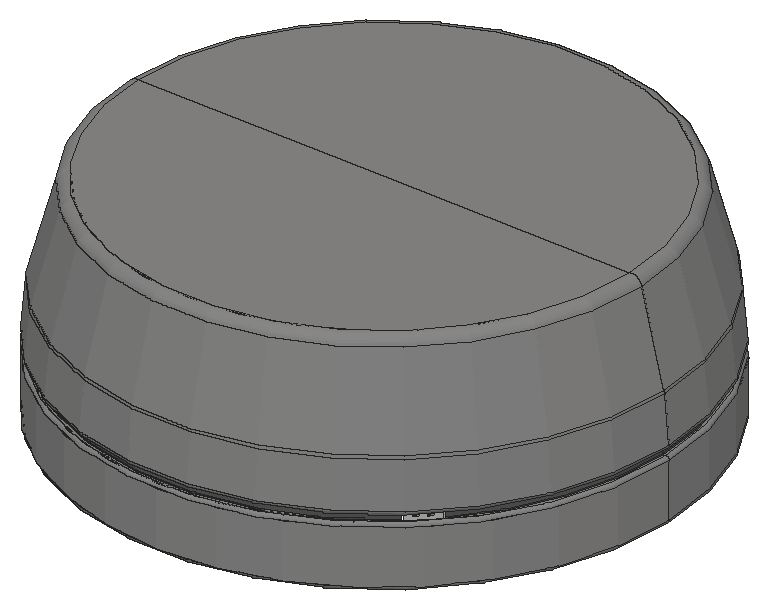
Revit family "Seating-Medium-Teknion-STBC_With_USB_Qui-R2014", category Furniture, Revit 2014
Parameters (values of type "Medium With USB")
  Width = 44.500"
  Warranty = "http://www.teknionstudio.com/pdfs/Teknion%20Studio%20Warranty.pdf"
  Voltage = 125 V
  Unit Weight = 155.00 lbf
  URL = "www.teknionstudio.com"
  Top Upholstery Finish [instance] = Fabric - Teknion - F206 - Full Wool - Fantasme
  Thread Finish [instance] = Thread - Teknion - Black
  Series = "Studio"
  Product Line = "Qui"
  Product Documentation Link = "http://www.teknionstudio.com/pricing/STBC_ppg.pdf"
  Power Factor = 1
  Part Number = "STBC"
  Number of Poles = 1
  No Casters = no
  Model = "STBC6"
  Mid Upholstery Finish [instance] = Fabric - Teknion - F212 - Full Wool - Ink
  Manufacturer Phone = "919-464-2920"
  Manufacturer Fax = "919-464-2927"
  Manufacturer Email = "customersupport@teknionstudio.com"
  Manufacturer Address = "3941 US 70 Business HWY West, Clayton, NC 27520"
  Manufacturer = "Studio TK"
  Low Emitting Material = yes
  Low Emitting Finish = yes
  Height = 17.3001"
  Description = "Qui Medium Ottoman - Upholstered Mid Panel, w/USB Power - 44.5\"dia x 18\"h / 113cm x 46cm"
  Depth = 44.500"
  Connector Description = "Power Connector"
  Base Upholstery Finish [instance] = Fabric - Teknion - F206 - Full Wool - Fantasme
  Assembly Code = "E2020200"
  Apparent Load = 1250 VA
Reference planes (in)
  plane 1 "Center F/B": y = 0
  plane 2: z = 0
  plane 3 "Center L/R": x = 0
  plane 4 "Left": x = -22.25
  plane 5 "Right": x = 22.25
  plane 6 "Back": y = 22.25
  plane 7 "Front": y = -22.25
  plane 8 "Top": z = 17.3001
  plane 9 "Mid Top": z = 5.99
  plane 10 "Mid Bottom": z = 5.4351
  plane 11 "Bottom": z = 0.75
  plane 12: y = -10.5
  plane 13: through (0, 0, 48) normal (-0.5, 0.866, 0)
  plane 14: through (0, 0, 48) normal (0.5, 0.866, 0)
  plane 15 "Wheel Mid Plane": z = 1.19
  plane 16 "Thread 2": z = 16.6501
  plane 17 "Thread 3": x = -0.325
  plane 18 "Thread 4": x = 0.325
  plane 19: x = -3.725
  plane 20: x = 3.725
Forms (in)
  Revolve 1, solid, material "Fabric - Teknion - F206 - Full Wool - Fantasme" <- "Base Upholstery Finish"
    sketch origin (0, 0, 0) x (1, 0, 0) y (0, 0, 1)
      loop
        line (0, 5.4351) -> (-22, 5.4351)
        arc (-22, 5.4351) -> (-22.17678, 5.36188) -> (-22.25, 5.1851) r 0.25
        line (-22.25, 5.1851) -> (-22.25, 1)
        arc (-22.25, 1) -> (-22.17678, 0.82322) -> (-22, 0.75) r 0.25
        line (-22, 0.75) -> (0, 0.75) -> (0, 5.4351)
      axis (0, 5.4351) -> (0, 0.75)
    angle from 0 to 360
  Revolve 2, solid, material "Fabric - Teknion - F212 - Full Wool - Ink" <- "Mid Upholstery Finish"
    sketch origin (0, 0, 0) x (1, 0, 0) y (0, 0, 1)
      loop
        arc (-21.65, 6.0501) -> (-21.72071, 6.02081) -> (-21.75, 5.9501) r 0.1
        line (-21.75, 5.9501) -> (-21.75, 5.47013)
        arc (-21.75, 5.47013) -> (-21.72067, 5.39933) -> (-21.64987, 5.37) r 0.10013
        line (-21.64987, 5.37) -> (0, 5.37) -> (0, 6.0501) -> (-21.65, 6.0501)
      axis (0, 6.0501) -> (0, 5.37)
    angle from 0 to 360
  Revolve 3, solid, material "Fabric - Teknion - F206 - Full Wool - Fantasme" <- "Top Upholstery Finish"
    sketch origin (0, 0, 0) x (1, 0, 0) y (0, 0, 1)
      loop
        line (0, 17.3001) -> (0, 5.99) -> (21.98328, 5.99)
        arc (21.98328, 5.99) -> (22.1676, 6.0711) -> (22.23233, 6.26179) r 0.25
        line (22.23233, 6.26179) -> (21.92651, 9.75731)
        arc (21.92651, 9.75731) -> (21.91114, 9.87407) -> (21.88565, 9.98906) r 1.35
        line (21.88565, 9.98906) -> (20.1054, 16.63304)
        arc (20.1054, 16.63304) -> (19.78395, 17.11412) -> (19.23607, 17.3001) r 0.9
        line (19.23607, 17.3001) -> (0, 17.3001)
      axis (0, 5.99) -> (0, 17.3001)
    angle from 0 to 360
  Revolve 4, solid, material "Plastic - Teknion - E - Ebony"
    sketch origin (0, -9.5, 0) x (0, 1, 0) y (0, 0, 1)
      loop
        line (-10.5, 0) -> (-10.5, 0.75) -> (-11, 0.75) -> (-10.89982, 0) -> (-10.5, 0)
      axis (-10.5, 0) -> (-10.5, 0.75)
    angle from 0 to 360
  Revolve 5, solid, material "Plastic - Teknion - E - Ebony"
    sketch origin (-8.22724, -4.75, 0) x (0.866025, 0.5, 0) y (0, 0, 1)
      loop
        line (-10.5, 0) -> (-10.5, 0.75) -> (-11, 0.75) -> (-10.89982, 0) -> (-10.5, 0)
      axis (-10.5, 0) -> (-10.5, 0.75)
    angle from 0 to 360
  Revolve 6, solid, material "Plastic - Teknion - E - Ebony"
    sketch origin (-8.22724, 4.75, 0) x (0.866025, -0.5, 0) y (0, 0, 1)
      loop
        line (-10.5, 0) -> (-10.5, 0.75) -> (-11, 0.75) -> (-10.89982, 0) -> (-10.5, 0)
      axis (-10.5, 0) -> (-10.5, 0.75)
    angle from 0 to 360
  Revolve 7, solid, material "Plastic - Teknion - E - Ebony"
    sketch origin (0, 9.5, 0) x (0, -1, 0) y (0, 0, 1)
      loop
        line (-10.5, 0) -> (-10.5, 0.75) -> (-11, 0.75) -> (-10.89982, 0) -> (-10.5, 0)
      axis (-10.5, 0) -> (-10.5, 0.75)
    angle from 0 to 360
  Revolve 8, solid, material "Plastic - Teknion - E - Ebony"
    sketch origin (8.22724, 4.75, 0) x (-0.866025, -0.5, 0) y (0, 0, 1)
      loop
        line (-10.5, 0) -> (-10.5, 0.75) -> (-11, 0.75) -> (-10.89982, 0) -> (-10.5, 0)
      axis (-10.5, 0) -> (-10.5, 0.75)
    angle from 0 to 360
  Revolve 9, solid, material "Plastic - Teknion - E - Ebony"
    sketch origin (8.22724, -4.75, 0) x (-0.866025, 0.5, 0) y (0, 0, 1)
      loop
        line (-10.5, 0) -> (-10.5, 0.75) -> (-11, 0.75) -> (-10.89982, 0) -> (-10.5, 0)
      axis (-10.5, 0) -> (-10.5, 0.75)
    angle from 0 to 360
  Sweep 10, void
    path origin (0, 0, 0) x (1, 0, 0) y (0, 0, 1)
      loop
        line (0, 10) -> (0, 0)
    profile origin (0, 0, 5) x (0, -1, 0) y (1, 0, 0)
      loop
        line (17.52211, 15.55635) -> (15.55635, 17.52211) -> (10.46549, 12.43125)
        arc (10.46549, 12.43125) -> (5.57022, 15.26549) -> (0, 16.25) r 16.25
        arc (0, 16.25) -> (-5.57022, 15.26549) -> (-10.46549, 12.43125) r 16.25
        line (-10.46549, 12.43125) -> (-15.55635, 17.52211) -> (-17.52211, 15.55635) -> (-12.43125, 10.46549)
        arc (-12.43125, 10.46549) -> (-16.25, 0) -> (-12.43125, -10.46549) r 16.25
        line (-12.43125, -10.46549) -> (-17.52211, -15.55635) -> (-15.55635, -17.52211) -> (-10.46549, -12.43125)
        arc (-10.46549, -12.43125) -> (-5.57022, -15.26549) -> (0, -16.25) r 16.25
        arc (0, -16.25) -> (5.57022, -15.26549) -> (10.46549, -12.43125) r 16.25
        line (10.46549, -12.43125) -> (15.55635, -17.52211) -> (17.52211, -15.55635) -> (12.43125, -10.46549)
        arc (12.43125, -10.46549) -> (16.25, 0) -> (12.43125, 10.46549) r 16.25
        line (12.43125, 10.46549) -> (17.52211, 15.55635)
  Sweep 11, solid, material "Metal - Teknion - C9 - Polished Aluminum"
    path origin (0, 0, 0) x (1, 0, 0) y (0, 0, 1)
      loop
        line (0, 6.0501) -> (0, 5.37)
    profile origin (0, 0, 5.71005) x (0, -1, 0) y (1, 0, 0)
      loop
        line (13.96468, -15.8569) -> (14.34462, -16.23684)
        arc (14.34462, -16.23684) -> (14.41311, -16.26605) -> (14.48276, -16.23972) r 0.0998
        arc (14.48276, -16.23972) -> (15.3794, -15.37975) -> (16.23939, -14.48312) r 29.78
        arc (16.23939, -14.48312) -> (16.26585, -14.41312) -> (16.23649, -14.34427) r 0.10032
        line (16.23649, -14.34427) -> (15.8569, -13.96468) -> (15.81235, -14.00923) -> (16.21936, -14.41624)
        arc (16.21936, -14.41624) -> (15.33715, -15.33715) -> (14.41624, -16.21936) r 29.72
        line (14.41624, -16.21936) -> (14.00923, -15.81235) -> (13.96468, -15.8569)
      loop
        line (13.96468, 15.8569) -> (14.00923, 15.81235) -> (14.41624, 16.21936)
        arc (14.41624, 16.21936) -> (15.33715, 15.33715) -> (16.21936, 14.41624) r 29.72
        line (16.21936, 14.41624) -> (15.81235, 14.00923) -> (15.8569, 13.96468) -> (16.23649, 14.34427)
        arc (16.23649, 14.34427) -> (16.26585, 14.41312) -> (16.23939, 14.48312) r 0.10032
        arc (16.23939, 14.48312) -> (15.3794, 15.37975) -> (14.48276, 16.23972) r 29.78
        arc (14.48276, 16.23972) -> (14.41311, 16.26605) -> (14.34462, 16.23684) r 0.0998
        line (14.34462, 16.23684) -> (13.96468, 15.8569)
      loop
        line (-13.96468, -15.8569) -> (-14.00923, -15.81235) -> (-14.41624, -16.21936)
        arc (-14.41624, -16.21936) -> (-15.33715, -15.33715) -> (-16.21936, -14.41624) r 29.72
        line (-16.21936, -14.41624) -> (-15.81235, -14.00923) -> (-15.8569, -13.96468) -> (-16.23649, -14.34427)
        arc (-16.23649, -14.34427) -> (-16.26585, -14.41312) -> (-16.23939, -14.48312) r 0.10032
        arc (-16.23939, -14.48312) -> (-15.3794, -15.37975) -> (-14.48276, -16.23972) r 29.78
        arc (-14.48276, -16.23972) -> (-14.41311, -16.26605) -> (-14.34462, -16.23684) r 0.0998
        line (-14.34462, -16.23684) -> (-13.96468, -15.8569)
      loop
        line (-13.96468, 15.8569) -> (-14.34462, 16.23684)
        arc (-14.34462, 16.23684) -> (-14.41311, 16.26605) -> (-14.48276, 16.23972) r 0.0998
        arc (-14.48276, 16.23972) -> (-15.3794, 15.37975) -> (-16.23939, 14.48312) r 29.78
        arc (-16.23939, 14.48312) -> (-16.26585, 14.41312) -> (-16.23649, 14.34427) r 0.10032
        line (-16.23649, 14.34427) -> (-15.8569, 13.96468) -> (-15.81235, 14.00923) -> (-16.21936, 14.41624)
        arc (-16.21936, 14.41624) -> (-15.33715, 15.33715) -> (-14.41624, 16.21936) r 29.72
        line (-14.41624, 16.21936) -> (-14.00923, 15.81235) -> (-13.96468, 15.8569)
  Sweep 12, void
    path origin (0, 0, 0) x (0, 1, 0) y (0, 0, 1)
      loop
        line (0, 5.81) -> (0, 5.61)
    profile origin (0, 0, 5.71) x (1, 0, 0) y (0, 1, 0)
      loop
        line (-21.22635, 21.52402) -> (0, 0.29767) -> (21.22635, 21.52402)
        arc (21.22635, 21.52402) -> (21.04587, 21.70048) -> (20.86392, 21.87542) r 30
        line (20.86392, 21.87542) -> (0, 1.0115) -> (-20.86392, 21.87542)
        arc (-20.86392, 21.87542) -> (-21.04587, 21.70048) -> (-21.22635, 21.52402) r 30
      loop
        line (-21.87542, 20.86392) -> (-1.0115, 0) -> (-21.87542, -20.86392)
        arc (-21.87542, -20.86392) -> (-21.70048, -21.04587) -> (-21.52402, -21.22635) r 30
        line (-21.52402, -21.22635) -> (-0.29767, 0) -> (-21.52402, 21.22635)
        arc (-21.52402, 21.22635) -> (-21.70048, 21.04587) -> (-21.87542, 20.86392) r 30
      loop
        arc (21.87542, 20.86392) -> (21.70048, 21.04587) -> (21.52402, 21.22635) r 30
        line (21.52402, 21.22635) -> (0.29767, 0) -> (21.52402, -21.22635)
        arc (21.52402, -21.22635) -> (21.70048, -21.04587) -> (21.87542, -20.86392) r 30
        line (21.87542, -20.86392) -> (1.0115, 0) -> (21.87542, 20.86392)
      loop
        line (21.22635, -21.52402) -> (0, -0.29767) -> (-21.22635, -21.52402)
        arc (-21.22635, -21.52402) -> (-21.04587, -21.70048) -> (-20.86392, -21.87542) r 30
        line (-20.86392, -21.87542) -> (0, -1.0115) -> (20.86392, -21.87542)
        arc (20.86392, -21.87542) -> (21.04587, -21.70048) -> (21.22635, -21.52402) r 30
Cuts and joins
  Sweep 10 cuts Revolve 2
  Sweep 12 cuts Sweep 11
Lines and regions (in)
  Masking region 1
    outline origin (0, 0, 17.3001) x (-1, 0, 0) y (0, -1, 0)
      loop
        circle (0, 0) r 22.25
  symbolic lines, detail levels fine
    curve 1: circle (0, 0, 17.3001) r 21.75 normal (0, 0, 1)
  symbolic lines, detail levels medium+fine
    curve 2: circle (0, 0, 17.3001) r 20.1 normal (0, 0, 1)
  symbolic lines
    curve 3: circle (0, 0, 17.3001) r 19.6 normal (0, 0, 1)
  model lines, detail levels medium+fine
    curve 4: arc (0.325, -20.09737, 16.6501) -> (2.03236, -19.99699, 16.6501) -> (3.725, -19.75182, 16.6501) r 20.1
    curve 5: arc (-3.725, -19.75182, 16.6501) -> (-2.03236, -19.99699, 16.6501) -> (-0.325, -20.09737, 16.6501) r 20.1
    curve 7: line (-0.325, -20.10035, 16.6501) -> (-0.325, -21.89438, 9.95469)
    curve 8: line (-0.325, -22.22955, 6.24243) -> (-0.325, -21.94419, 9.50408)
    curve 9: arc (-0.325, -21.89438, 9.95469) -> (-0.325, -21.92161, 9.72964) -> (-0.325, -21.94419, 9.50408) r 11
    curve 10: arc (-0.325, -22.22955, 6.24243) -> (-0.325, -22.15562, 6.06393) -> (-0.325, -21.97712, 5.99) r 0.25243
    curve 11: line (-0.325, -22.25, 5.19389) -> (-0.325, -22.25, 1.00401)
    curve 12: arc (-0.325, -22.25, 1.00401) -> (-0.325, -22.1756, 0.8244) -> (-0.325, -21.99599, 0.75) r 0.25401
    curve 13: arc (-0.325, -22.25, 5.19389) -> (-0.325, -22.18367, 5.36175) -> (-0.325, -22.01808, 5.43354) r 0.23582
    curve 14: line (0.325, -20.10035, 16.6501) -> (0.325, -21.89438, 9.95469)
    curve 15: line (0.325, -22.22955, 6.24243) -> (0.325, -21.94419, 9.50408)
    curve 16: arc (0.325, -21.89438, 9.95469) -> (0.325, -21.92161, 9.72964) -> (0.325, -21.94419, 9.50408) r 11
    curve 17: arc (0.325, -22.22955, 6.24243) -> (0.325, -22.15562, 6.06393) -> (0.325, -21.97712, 5.99) r 0.25243
    curve 18: line (0.325, -22.25, 5.19389) -> (0.325, -22.25, 1.00401)
    curve 19: arc (0.325, -22.25, 1.00401) -> (0.325, -22.1756, 0.8244) -> (0.325, -21.99599, 0.75) r 0.25401
    curve 20: arc (0.325, -22.25, 5.19389) -> (0.325, -22.18367, 5.36175) -> (0.325, -22.01808, 5.43354) r 0.23582
  model lines, detail levels fine
    curve 6: arc (-3.725, -19.24277, 17.3001) -> (0, -19.6, 17.3001) -> (3.725, -19.24277, 17.3001) r 19.6
Dimensions and locks (in)
  "Height": plane 8 "Top" to level
  equal spacing: plane 4 "Left", plane 3 "Center L/R", plane 5 "Right"
  "Width": plane 4 "Left" to plane 5 "Right"
  equal spacing: plane 6 "Back", plane 1 "Center F/B", plane 7 "Front"
  "Depth": plane 6 "Back" to plane 7 "Front"
  locked: plane 3 "Center L/R" to Revolve 2 sketch curve at 21.75
  locked: plane 15 "Wheel Mid Plane" to plane 2 at 1.19
  plane 18 "Thread 4" to plane 3 "Center L/R" to plane 17 "Thread 3" = 0.325", 0.325"
  locked: plane 18 "Thread 4" to plane 17 "Thread 3" at 0.65
  Revolve 2 sketch curve to Revolve 2 sketch curve to Revolve 2 sketch curve to Revolve 2 sketch curve to plane 2 = 0.100" locked, 0.47997" locked, 0.10013" locked, 5.370" locked
  equal spacing: plane 19, plane 3 "Center L/R", plane 20
  locked: plane 19 to plane 20 at 7.45
  plane 11 "Bottom" to plane 2 = 0.750"
  locked: plane 8 "Top" to plane 16 "Thread 2" at 0.65
  Sweep 11 sketch curve to Sweep 11 sketch curve to Sweep 11 sketch curve to Sweep 11 sketch curve = 0.063" locked, 2.550" locked, 0.063" locked  (x4)
  Sweep 11 sketch curve to plane 3 "Center L/R" to Sweep 11 sketch curve = 5.67807" locked, 5.67807" locked  (x2)
  Sweep 11 sketch curve to plane 1 "Center F/B" to Sweep 11 sketch curve = 5.67807" locked, 5.67807" locked  (x2)
  plane 9 "Mid Top" to Sweep 12 sketch curve to Sweep 12 sketch curve = 0.180" locked, 0.200" locked
  Sweep 12 sketch curve to Sweep 12 sketch curve to Sweep 12 sketch curve to Sweep 12 sketch curve = 0.50476" locked, 0.42097" locked, 0.50476" locked  (x4)
  Sweep 12 sketch curve to plane 3 "Center L/R" to Sweep 12 sketch curve = 0.29767" locked, 0.29767" locked
  Sweep 11 sketch curve to plane 9 "Mid Top" to Sweep 11 sketch curve = 0.0601" locked, 0.620" locked
  radius of curve 1 = 21.750"
  radius of curve 2 = 20.100"
  radius of curve 3 = 19.600"
  radius of curve 13 = 0.23582"
  radius of curve 10 = 0.25243"
  radius of curve 12 = 0.25401"
  radius of curve 6 = 19.600"
  radius of curve 4 = 20.100"
  radius of Masking region 1 sketch curve = 22.250"
  locked: plane 5 "Right" to Revolve 3 sketch curve (angle 15.00°)
  locked: plane 5 "Right" to Revolve 3 sketch curve (angle 5.00°)
  locked: curve 5 to curve 5 (angle 9.75352°)
  locked: curve 4 to curve 4 (angle 9.75352°)
  angle plane 7 "Front" to curve 7 = 15.00°
  locked: plane 7 "Front" to curve 8 (angle 5.00°)
  aligned and locked: level to plane 2
  aligned and locked: plane 8 "Top" to Revolve 1 sketch curve
  aligned and locked: plane 2 to Revolve 1 sketch curve
  aligned and locked: Revolve 1 sketch curve to plane 3 "Center L/R"  (x2)
  aligned and locked: Revolve 1 sketch curve to plane 4 "Left"
  aligned and locked: Revolve 1 sketch curve to plane 11 "Bottom"
  aligned and locked: plane 10 "Mid Bottom" to Revolve 1 sketch curve
  aligned and locked: plane 8 "Top" to Revolve 2 sketch curve
  aligned and locked: plane 2 to Revolve 2 sketch curve
  aligned and locked: Revolve 2 sketch curve to plane 3 "Center L/R"  (x2)
  aligned and locked: plane 8 "Top" to Revolve 3 sketch curve
  aligned and locked: plane 2 to Revolve 3 sketch curve
  aligned and locked: plane 3 "Center L/R" to Revolve 3 sketch curve
  aligned and locked: Revolve 3 sketch curve to plane 8 "Top"
  aligned and locked: Revolve 3 sketch curve to plane 9 "Mid Top"
  aligned and locked: Revolve 3 sketch curve to plane 3 "Center L/R"
  aligned and locked: curve 4 to curve 5
  aligned and locked: curve 7 to curve 14
  aligned and locked: curve 16 to curve 9
  aligned and locked: curve 15 to curve 8
  aligned and locked: curve 17 to curve 10
  aligned and locked: curve 20 to curve 13
  aligned and locked: curve 18 to curve 11
  aligned and locked: curve 19 to curve 12
  aligned and locked: curve 5 to curve 7
  aligned and locked: curve 4 to curve 14
  aligned and locked: curve 7 to curve 4
  aligned and locked: plane 19 to curve 6
  aligned and locked: plane 20 to curve 4
  aligned and locked: plane 20 to curve 6
  aligned and locked: plane 3 "Center L/R" to Masking region 1 sketch curve
  aligned and locked: plane 1 "Center F/B" to Masking region 1 sketch curve
  aligned and locked: plane 1 "Center F/B" to curve 2
  aligned and locked: plane 3 "Center L/R" to curve 2
  aligned and locked: plane 1 "Center F/B" to curve 1
  aligned and locked: plane 3 "Center L/R" to curve 1
  aligned and locked: plane 1 "Center F/B" to curve 3
  aligned and locked: plane 3 "Center L/R" to curve 3
  aligned and locked: Sweep 11 sketch curve to Sweep 11 sketch curve  (x4)
  aligned and locked: Sweep 12 sketch curve to plane 1 "Center F/B"
  aligned and locked: Sweep 11 sketch curve to plane 3 "Center L/R"
  aligned and locked: plane 1 "Center F/B" to Sweep 10 sketch curve  (x6)
  aligned and locked: plane 3 "Center L/R" to Sweep 10 sketch curve  (x6)
Automatic sketch dimensions
  plane 4 "Left" to Revolve 1 sketch curve = 0.250"
  plane 11 "Bottom" to Revolve 1 sketch curve = 0.250"
  Revolve 3 sketch curve to plane 5 "Right" = 0.01767"
  plane 9 "Mid Top" to Revolve 3 sketch curve = 0.27179"
  Revolve 3 sketch curve to plane 8 "Top" = 0.66706"
  Revolve 3 sketch curve to Revolve 3 sketch curve = 0.86933"
  Revolve 3 sketch curve to plane 5 "Right" = 0.36435"
  Revolve 3 sketch curve to Revolve 3 sketch curve = 0.04086"
  Revolve 3 sketch curve to plane 5 "Right" = 0.26672"
  Revolve 3 sketch curve to Revolve 3 sketch curve = 1.34486"
  Revolve 3 sketch curve to Revolve 3 sketch curve = 0.23175"
  Revolve 4 sketch curve to Revolve 4 sketch curve = 0.10018"
  Revolve 4 sketch curve to Revolve 4 sketch curve = 0.39982"
  Revolve 4 sketch curve to Revolve 4 sketch curve = 0.000"  (x2)
  Revolve 4 sketch curve to Revolve 4 sketch curve = 0.750"
  Revolve 4 sketch curve to Revolve 4 sketch curve = 16.5501"
  Revolve 5 sketch curve to Revolve 5 sketch curve = 0.10018"
  Revolve 5 sketch curve to Revolve 5 sketch curve = 0.39982"
  Revolve 5 sketch curve to Revolve 5 sketch curve = 0.000"  (x2)
  Revolve 5 sketch curve to Revolve 5 sketch curve = 0.750"
  Revolve 5 sketch curve to Revolve 5 sketch curve = 16.5501"
  Revolve 6 sketch curve to Revolve 6 sketch curve = 0.10018"
  Revolve 6 sketch curve to Revolve 6 sketch curve = 0.39982"
  Revolve 6 sketch curve to Revolve 6 sketch curve = 0.000"  (x2)
  Revolve 6 sketch curve to Revolve 6 sketch curve = 0.750"
  Revolve 6 sketch curve to Revolve 6 sketch curve = 16.5501"
  Revolve 7 sketch curve to Revolve 7 sketch curve = 0.10018"
  Revolve 7 sketch curve to Revolve 7 sketch curve = 0.39982"
  Revolve 7 sketch curve to Revolve 7 sketch curve = 0.000"  (x2)
  Revolve 7 sketch curve to Revolve 7 sketch curve = 0.750"
  Revolve 7 sketch curve to Revolve 7 sketch curve = 16.5501"
  Revolve 8 sketch curve to Revolve 8 sketch curve = 0.10018"
  Revolve 8 sketch curve to Revolve 8 sketch curve = 0.39982"
  Revolve 8 sketch curve to Revolve 8 sketch curve = 0.000"  (x2)
  Revolve 8 sketch curve to Revolve 8 sketch curve = 0.750"
  Revolve 8 sketch curve to Revolve 8 sketch curve = 16.5501"
  Revolve 9 sketch curve to Revolve 9 sketch curve = 0.10018"
  Revolve 9 sketch curve to Revolve 9 sketch curve = 0.39982"
  Revolve 9 sketch curve to Revolve 9 sketch curve = 0.000"  (x2)
  Revolve 9 sketch curve to Revolve 9 sketch curve = 0.750"
  Revolve 9 sketch curve to Revolve 9 sketch curve = 16.5501"
  curve 13 to plane 10 "Mid Bottom" = 0.00156"
  curve 18 to plane 7 "Front" = 0.000"
  curve 18 to plane 15 "Wheel Mid Plane" = 0.18599"
  curve 14 to plane 7 "Front" = 0.35562"
  curve 19 to plane 11 "Bottom" = 0.000"
  curve 17 to plane 9 "Mid Top" = 0.000"
  curve 14 to plane 16 "Thread 2" = 0.000"
  curve 18 to plane 10 "Mid Bottom" = 0.24121"
  curve 15 to plane 7 "Front" = 0.02045"
  plane 9 "Mid Top" to curve 15 = 0.25243"
  curve 15 to plane 7 "Front" = 0.30581"
  curve 17 to curve 15 = 3.26165"
  curve 16 to curve 14 = 0.45061"
  curve 18 to curve 20 = 0.00386"
  curve 20 to plane 10 "Mid Bottom" = 0.00156"
  curve 16 to plane 12 = 0.48821"
  curve 14 to plane 7 "Front" = 2.14965"
  curve 20 to curve 18 = 0.23579"
  plane 1 "Center F/B" to curve 5 = 0.000"
  curve 1 to curve 6 = 0.000"  (x2)
  Sweep 10 sketch curve to level = 0.000"
  Sweep 10 sketch curve to plane 3 "Center L/R" = 0.000"
  plane 9 "Mid Top" to Sweep 10 sketch curve = 4.010"
  Sweep 10 sketch curve to profile plane = 17.52211"
  Sweep 10 sketch curve to Sweep 10 sketch curve = 1.96576"  (x9)
  Sweep 10 sketch curve to Sweep 10 sketch curve = 5.09086"  (x5)
  profile plane to Sweep 10 sketch curve = 10.46549"  (x2)
  Sweep 10 sketch curve to profile plane = 15.55635"
  profile plane to Sweep 10 sketch curve = 15.55635"
  profile plane to Sweep 10 sketch curve = 17.52211"
  Sweep 11 sketch curve to Sweep 11 sketch curve = 0.000"  (x14)
  Sweep 11 sketch curve to Sweep 11 sketch curve = 0.01713"  (x2)
  Sweep 11 sketch curve to Sweep 11 sketch curve = 0.37959"  (x2)
  Sweep 11 sketch curve to profile plane = 14.00923"
  Sweep 11 sketch curve to Sweep 11 sketch curve = 0.04455"  (x4)
  profile plane to Sweep 11 sketch curve = 14.00923"
  Sweep 11 sketch curve to Sweep 11 sketch curve = 0.07162"  (x4)
  profile plane to Sweep 11 sketch curve = 13.96468"  (x2)
  Sweep 11 sketch curve to Sweep 11 sketch curve = 0.37994"  (x2)
  Sweep 11 sketch curve to Sweep 11 sketch curve = 0.40701"
  profile plane to Sweep 11 sketch curve = 14.41624"
  Sweep 11 sketch curve to profile plane = 14.34427"
  profile plane to Sweep 11 sketch curve = 14.34427"
  Sweep 11 sketch curve to Sweep 11 sketch curve = 0.02003"  (x4)
  Sweep 11 sketch curve to Sweep 11 sketch curve = 0.0538"  (x4)
  Sweep 11 sketch curve to Sweep 11 sketch curve = 0.06652"  (x4)
  Sweep 11 sketch curve to Sweep 11 sketch curve = 0.00104"  (x4)
  Sweep 12 sketch curve to Sweep 12 sketch curve = 0.000"  (x8)
  Sweep 12 sketch curve to Sweep 12 sketch curve = 0.35141"  (x4)
  Sweep 12 sketch curve to Sweep 12 sketch curve = 0.29767"  (x4)
  Sweep 12 sketch curve to Sweep 12 sketch curve = 0.36242"
  profile plane to Sweep 12 sketch curve = 0.000"
  Sweep 12 sketch curve to plane 3 "Center L/R" = 0.1625"  (x2)
  Sweep 12 sketch curve to plane 3 "Center L/R" = 0.000"
  plane 3 "Center L/R" to Sweep 12 sketch curve = 0.000"
  Sweep 12 sketch curve to Sweep 12 sketch curve = 0.13517"  (x5)
Connectors (in)
  electrical at (0, 0, 0.75), driven by "Number of Poles", driven by "Voltage", driven by "Apparent Load", driven by "Power Factor", driven by "Connector Description"
    settings: index 1, voltage 125 V, apparent load 1250 VA, apparent load phase1 0 VA, apparent load phase2 0 VA, apparent load phase3 0 VA, power factor 1, load classification "Other", number of poles 1, system type 30, power factor state 1, is connector primary yes, connector utility no, sub classification motor no, connector description "Power Connector"
